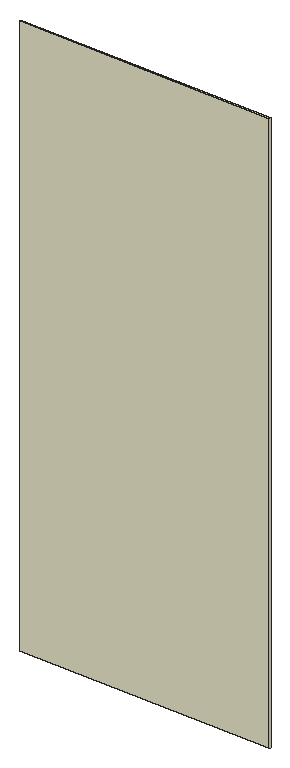
Revit family "MDF MR Roman Brick", category Generic Models, Revit 2017
Family settings
  Can host rebar = No
  Round Connector Dimension = Use Diameter
  Part Type = Normal
  Work Plane-Based = No
  Always vertical = Yes
  Cut with Voids When Loaded = No
  Shared = Yes
  Room Calculation Point = No
Parameters (values of type "2720 x 1200")
  Primed Finich Code = "EX27 MR-ROM"  # constant formula
  Panel_width = 1200 mm  # constant formula
  Panel_thickness = 9.5 mm  # constant formula
  Material = none
  URL = "https://www.easycraft.com.au/products/253/expression-series"
  Model = "Expression Series - Roman Brick"  # constant formula
  Manufacturer = "Easycraft Australia Pty Ltd ph 07 3906 7200"  # constant formula
  Panel_height = 2720 mm  # constant formula
  Description = "MDF MR"  # constant formula
  Assembly Code = ""
Reference planes
  plane 1 "Center (Front/Back)": y = 0
  plane 2: z = 0
  plane 3 "Center (Left/Right)": x = 0
  plane 4 "Panel face": y = -9.5
  plane 5 "Panel_top": z = 2720
Forms (mm)
  Extrusion 1, solid, material "CLAD smooth"
    sketch origin (0, 0, 0) x (1, 0, 0) y (0, 1, 0)
      loop
        line (0, 0) -> (0, -9.5) -> (1200, -9.5) -> (1200, 0) -> (0, 0)
    from 0 to 2720
Lines and regions (mm)
  model lines, style "easycraft expressions pattern"
    curve 1: line (1200, -10, 2379.852) -> (0, -10, 2379.852)
    curve 2: line (0, -10, 2295.36) -> (1200, -10, 2295.36)
    curve 3: line (1200, -10, 2210.868) -> (0, -10, 2210.868)
    curve 4: line (0, -10, 2123.127) -> (1200, -10, 2123.127)
    curve 5: line (1200, -10, 2038.635) -> (0, -10, 2038.635)
    curve 6: line (0, -10, 1953.927) -> (1200, -10, 1953.927)
    curve 7: line (1200, -10, 1869.435) -> (0, -10, 1869.435)
    curve 8: line (0, -10, 1784.943) -> (1200, -10, 1784.943)
    curve 9: line (1200, -10, 1700.451) -> (0, -10, 1700.451)
    curve 10: line (0, -10, 1615.96) -> (1200, -10, 1615.96)
    curve 11: line (1200, -10, 1531.468) -> (0, -10, 1531.468)
    curve 12: line (0, -10, 1446.759) -> (1200, -10, 1446.759)
    curve 13: line (1200, -10, 1362.268) -> (0, -10, 1362.268)
    curve 14: line (0, -10, 1274.526) -> (1200, -10, 1274.526)
    curve 15: line (1200, -10, 1190.034) -> (0, -10, 1190.034)
    curve 16: line (0, -10, 1105.543) -> (1200, -10, 1105.543)
    curve 17: line (1200, -10, 1021.051) -> (0, -10, 1021.051)
    curve 18: line (0, -10, 936.342) -> (1200, -10, 936.342)
    curve 19: line (1200, -10, 851.851) -> (0, -10, 851.851)
    curve 20: line (0, -10, 767.359) -> (1200, -10, 767.359)
    curve 21: line (1200, -10, 682.867) -> (0, -10, 682.867)
    curve 22: line (0, -10, 598.375) -> (1200, -10, 598.375)
    curve 23: line (1200, -10, 513.883) -> (0, -10, 513.883)
    curve 24: line (0, -10, 429.175) -> (1200, -10, 429.175)
    curve 25: line (1200, -10, 341.433) -> (0, -10, 341.433)
    curve 26: line (601.625, -10, 2210.868) -> (601.625, -10, 2295.36)
    curve 27: line (601.625, -10, 2038.635) -> (601.625, -10, 2123.127)
    curve 28: line (601.625, -10, 1869.435) -> (601.625, -10, 1953.927)
    curve 29: line (601.625, -10, 1700.451) -> (601.625, -10, 1784.943)
    curve 30: line (601.625, -10, 1531.468) -> (601.625, -10, 1615.96)
    curve 31: line (601.625, -10, 1362.268) -> (601.625, -10, 1446.759)
    curve 32: line (601.625, -10, 1190.034) -> (601.625, -10, 1274.526)
    curve 33: line (601.625, -10, 1021.051) -> (601.625, -10, 1105.543)
    curve 34: line (601.625, -10, 851.851) -> (601.625, -10, 936.342)
    curve 35: line (601.625, -10, 682.867) -> (601.625, -10, 767.359)
    curve 36: line (601.625, -10, 513.883) -> (601.625, -10, 598.375)
    curve 37: line (601.625, -10, 341.433) -> (601.625, -10, 429.175)
    curve 38: line (751.327, -10, 2295.36) -> (751.327, -10, 2379.852)
    curve 39: line (452.139, -10, 2295.36) -> (452.139, -10, 2379.852)
    curve 40: line (751.327, -10, 2123.127) -> (751.327, -10, 2210.868)
    curve 41: line (452.139, -10, 2123.127) -> (452.139, -10, 2210.868)
    curve 42: line (751.327, -10, 1953.927) -> (751.327, -10, 2038.635)
    curve 43: line (452.139, -10, 1953.927) -> (452.139, -10, 2038.635)
    curve 44: line (751.327, -10, 1784.943) -> (751.327, -10, 1869.435)
    curve 45: line (452.139, -10, 1784.943) -> (452.139, -10, 1869.435)
    curve 46: line (751.327, -10, 1615.96) -> (751.327, -10, 1700.451)
    curve 47: line (452.139, -10, 1615.96) -> (452.139, -10, 1700.451)
    curve 48: line (751.327, -10, 1446.759) -> (751.327, -10, 1531.468)
    curve 49: line (452.139, -10, 1446.759) -> (452.139, -10, 1531.468)
    curve 50: line (751.327, -10, 1274.526) -> (751.327, -10, 1362.268)
    curve 51: line (452.139, -10, 1274.526) -> (452.139, -10, 1362.268)
    curve 52: line (751.327, -10, 1105.543) -> (751.327, -10, 1190.034)
    curve 53: line (452.139, -10, 1105.543) -> (452.139, -10, 1190.034)
    curve 54: line (751.327, -10, 936.342) -> (751.327, -10, 1021.051)
    curve 55: line (452.139, -10, 936.342) -> (452.139, -10, 1021.051)
    curve 56: line (751.327, -10, 767.359) -> (751.327, -10, 851.851)
    curve 57: line (452.139, -10, 767.359) -> (452.139, -10, 851.851)
    curve 58: line (751.327, -10, 598.375) -> (751.327, -10, 682.867)
    curve 59: line (452.139, -10, 598.375) -> (452.139, -10, 682.867)
    curve 60: line (751.327, -10, 429.175) -> (751.327, -10, 513.883)
    curve 61: line (452.139, -10, 429.175) -> (452.139, -10, 513.883)
    curve 62: line (900.812, -10, 2210.868) -> (900.812, -10, 2295.36)
    curve 63: line (900.812, -10, 2038.635) -> (900.812, -10, 2123.127)
    curve 64: line (1050.515, -10, 2295.36) -> (1050.515, -10, 2379.852)
    curve 65: line (1050.515, -10, 2123.127) -> (1050.515, -10, 2210.868)
    curve 66: line (1050.515, -10, 1953.927) -> (1050.515, -10, 2038.635)
    curve 67: line (1050.515, -10, 1784.943) -> (1050.515, -10, 1869.435)
    curve 68: line (1050.515, -10, 1615.96) -> (1050.515, -10, 1700.451)
    curve 69: line (1050.515, -10, 1446.759) -> (1050.515, -10, 1531.468)
    curve 70: line (1050.515, -10, 1274.526) -> (1050.515, -10, 1362.268)
    curve 71: line (1050.515, -10, 1105.543) -> (1050.515, -10, 1190.034)
    curve 72: line (1050.515, -10, 936.342) -> (1050.515, -10, 1021.051)
    curve 73: line (1050.515, -10, 767.359) -> (1050.515, -10, 851.851)
    curve 74: line (1050.515, -10, 598.375) -> (1050.515, -10, 682.867)
    curve 75: line (1050.515, -10, 429.175) -> (1050.515, -10, 513.883)
    curve 76: line (900.812, -10, 1869.435) -> (900.812, -10, 1953.927)
    curve 77: line (900.812, -10, 1700.451) -> (900.812, -10, 1784.943)
    curve 78: line (900.812, -10, 1531.468) -> (900.812, -10, 1615.96)
    curve 79: line (900.812, -10, 1362.268) -> (900.812, -10, 1446.759)
    curve 80: line (900.812, -10, 1190.034) -> (900.812, -10, 1274.526)
    curve 81: line (900.812, -10, 1021.051) -> (900.812, -10, 1105.543)
    curve 82: line (900.812, -10, 851.851) -> (900.812, -10, 936.342)
    curve 83: line (900.812, -10, 682.867) -> (900.812, -10, 767.359)
    curve 84: line (900.812, -10, 513.883) -> (900.812, -10, 598.375)
    curve 85: line (900.812, -10, 341.433) -> (900.812, -10, 429.175)
    curve 86: line (299.188, -10, 2210.868) -> (299.188, -10, 2295.36)
    curve 87: line (299.188, -10, 2038.635) -> (299.188, -10, 2123.127)
    curve 88: line (299.188, -10, 1869.435) -> (299.188, -10, 1953.927)
    curve 89: line (299.188, -10, 1700.451) -> (299.188, -10, 1784.943)
    curve 90: line (299.188, -10, 1531.468) -> (299.188, -10, 1615.96)
    curve 91: line (299.188, -10, 1362.268) -> (299.188, -10, 1446.759)
    curve 92: line (299.188, -10, 1190.034) -> (299.188, -10, 1274.526)
    curve 93: line (299.188, -10, 1021.051) -> (299.188, -10, 1105.543)
    curve 94: line (299.188, -10, 851.851) -> (299.188, -10, 936.342)
    curve 95: line (299.188, -10, 682.867) -> (299.188, -10, 767.359)
    curve 96: line (299.188, -10, 513.883) -> (299.188, -10, 598.375)
    curve 97: line (149.702, -10, 2295.36) -> (149.702, -10, 2379.852)
    curve 98: line (149.702, -10, 2123.127) -> (149.702, -10, 2210.868)
    curve 99: line (149.702, -10, 1953.927) -> (149.702, -10, 2038.635)
    curve 100: line (149.702, -10, 1784.943) -> (149.702, -10, 1869.435)
    curve 101: line (149.702, -10, 1615.96) -> (149.702, -10, 1700.451)
    curve 102: line (149.702, -10, 1446.759) -> (149.702, -10, 1531.468)
    curve 103: line (149.702, -10, 1274.526) -> (149.702, -10, 1362.268)
    curve 104: line (149.702, -10, 1105.543) -> (149.702, -10, 1190.034)
    curve 105: line (149.702, -10, 936.342) -> (149.702, -10, 1021.051)
    curve 106: line (149.702, -10, 767.359) -> (149.702, -10, 851.851)
    curve 107: line (149.702, -10, 598.375) -> (149.702, -10, 682.867)
    curve 108: line (149.702, -10, 429.175) -> (149.702, -10, 513.883)
    curve 109: line (299.188, -10, 341.433) -> (299.188, -10, 429.175)
    curve 110: line (0, -10, 256.942) -> (1200, -10, 256.942)
    curve 111: line (1200, -10, 172.45) -> (0, -10, 172.45)
    curve 112: line (0, -10, 87.958) -> (1200, -10, 87.958)
    curve 113: line (1050.515, -10, 256.942) -> (1050.515, -10, 341.433)
    curve 114: line (1050.515, -10, 87.958) -> (1050.515, -10, 172.45)
    curve 115: line (601.625, -10, 172.45) -> (601.625, -10, 256.942)
    curve 116: line (751.327, -10, 256.942) -> (751.327, -10, 341.433)
    curve 117: line (452.139, -10, 256.942) -> (452.139, -10, 341.433)
    curve 118: line (751.327, -10, 87.958) -> (751.327, -10, 172.45)
    curve 119: line (452.139, -10, 87.958) -> (452.139, -10, 172.45)
    curve 120: line (900.812, -10, 172.45) -> (900.812, -10, 256.942)
    curve 121: line (299.188, -10, 172.45) -> (299.188, -10, 256.942)
    curve 122: line (149.702, -10, 256.942) -> (149.702, -10, 341.433)
    curve 123: line (149.702, -10, 87.958) -> (149.702, -10, 172.45)
    curve 124: line (900.812, -10, 0) -> (900.812, -10, 87.958)
    curve 125: line (601.625, -10, 0) -> (601.625, -10, 87.958)
    curve 126: line (299.188, -10, 0) -> (299.188, -10, 87.958)
    curve 127: line (0, -10, 2633.544) -> (1200, -10, 2633.544)
    curve 128: line (1200, -10, 2549.052) -> (0, -10, 2549.052)
    curve 129: line (0, -10, 2464.344) -> (1200, -10, 2464.344)
    curve 130: line (601.625, -10, 2549.052) -> (601.625, -10, 2633.544)
    curve 131: line (601.625, -10, 2379.852) -> (601.625, -10, 2464.344)
    curve 132: line (751.327, -10, 2464.344) -> (751.327, -10, 2549.052)
    curve 133: line (452.139, -10, 2464.344) -> (452.139, -10, 2549.052)
    curve 134: line (900.812, -10, 2549.052) -> (900.812, -10, 2633.544)
    curve 135: line (1050.515, -10, 2464.344) -> (1050.515, -10, 2549.052)
    curve 136: line (900.812, -10, 2379.852) -> (900.812, -10, 2464.344)
    curve 137: line (299.188, -10, 2549.052) -> (299.188, -10, 2633.544)
    curve 138: line (299.188, -10, 2379.852) -> (299.188, -10, 2464.344)
    curve 139: line (149.702, -10, 2464.344) -> (149.702, -10, 2549.052)
    curve 140: line (751.327, -10, 2633.544) -> (751.327, -10, 2718.252)
    curve 141: line (452.139, -10, 2633.544) -> (452.139, -10, 2718.252)
    curve 142: line (1050.515, -10, 2633.544) -> (1050.515, -10, 2718.252)
    curve 143: line (149.702, -10, 2633.544) -> (149.702, -10, 2718.252)
Dimensions and locks
  "Panel_thickness": plane 4 "Panel face" to plane 1 "Center (Front/Back)"
  "Panel_height": plane 5 "Panel_top" to plane 2
  "Panel_width": Extrusion 1 to Extrusion 1
  aligned and locked: level to plane 2
  aligned and locked: Extrusion 1 to level
  aligned and locked: plane 4 "Panel face" to Extrusion 1
Automatic sketch dimensions
  Extrusion 1 sketch curve to plane 3 "Center (Left/Right)" = 0 mm
  plane 4 "Panel face" to Extrusion 1 sketch curve = 0 mm
  plane 1 "Center (Front/Back)" to Extrusion 1 sketch curve = 0 mm
  Extrusion 1 sketch curve to Extrusion 1 sketch curve = 1200 mm
  curve 128 to plane 3 "Center (Left/Right)" = 0 mm
  curve 1 to plane 3 "Center (Left/Right)" = 0 mm
  curve 2 to plane 3 "Center (Left/Right)" = 0 mm
  curve 24 to plane 3 "Center (Left/Right)" = 0 mm
  curve 129 to plane 3 "Center (Left/Right)" = 0 mm
  curve 3 to plane 3 "Center (Left/Right)" = 0 mm
  curve 4 to plane 3 "Center (Left/Right)" = 0 mm
  curve 127 to plane 3 "Center (Left/Right)" = 0 mm
  curve 23 to plane 3 "Center (Left/Right)" = 0 mm
  curve 5 to plane 3 "Center (Left/Right)" = 0 mm
  curve 6 to plane 3 "Center (Left/Right)" = 0 mm
  curve 22 to plane 3 "Center (Left/Right)" = 0 mm
  curve 21 to plane 3 "Center (Left/Right)" = 0 mm
  curve 7 to plane 3 "Center (Left/Right)" = 0 mm
  curve 8 to plane 3 "Center (Left/Right)" = 0 mm
  curve 20 to plane 3 "Center (Left/Right)" = 0 mm
  curve 9 to plane 3 "Center (Left/Right)" = 0 mm
  curve 10 to plane 3 "Center (Left/Right)" = 0 mm
  curve 19 to plane 3 "Center (Left/Right)" = 0 mm
  curve 18 to plane 3 "Center (Left/Right)" = 0 mm
  curve 11 to plane 3 "Center (Left/Right)" = 0 mm
  curve 12 to plane 3 "Center (Left/Right)" = 0 mm
  curve 112 to plane 3 "Center (Left/Right)" = 0 mm
  curve 111 to plane 3 "Center (Left/Right)" = 0 mm
  curve 13 to plane 3 "Center (Left/Right)" = 0 mm
  curve 14 to plane 3 "Center (Left/Right)" = 0 mm
  curve 110 to plane 3 "Center (Left/Right)" = 0 mm
  curve 17 to plane 3 "Center (Left/Right)" = 0 mm
  curve 15 to plane 3 "Center (Left/Right)" = 0 mm
  curve 16 to plane 3 "Center (Left/Right)" = 0 mm
  curve 25 to plane 3 "Center (Left/Right)" = 0 mm
  curve 126 to level = 0 mm
  curve 125 to level = 0 mm
  curve 124 to level = 0 mm
  plane 3 "Center (Left/Right)" to curve 107 = 149.702 mm
  curve 107 to curve 108 = 0 mm
  plane 3 "Center (Left/Right)" to curve 139 = 149.702 mm
  plane 3 "Center (Left/Right)" to curve 106 = 149.702 mm
  plane 3 "Center (Left/Right)" to curve 122 = 149.702 mm
  plane 3 "Center (Left/Right)" to curve 105 = 149.702 mm
  plane 3 "Center (Left/Right)" to curve 123 = 149.702 mm
  plane 3 "Center (Left/Right)" to curve 104 = 149.702 mm
  curve 143 to curve 139 = 0 mm
  plane 3 "Center (Left/Right)" to curve 103 = 149.702 mm
  plane 3 "Center (Left/Right)" to curve 102 = 149.702 mm
  plane 3 "Center (Left/Right)" to curve 101 = 149.702 mm
  plane 3 "Center (Left/Right)" to curve 100 = 149.702 mm
  plane 3 "Center (Left/Right)" to curve 99 = 149.702 mm
  plane 3 "Center (Left/Right)" to curve 98 = 149.702 mm
  curve 139 to curve 97 = 0 mm
  curve 98 to curve 86 = 149.485 mm
  curve 99 to curve 87 = 149.485 mm
  curve 100 to curve 88 = 149.485 mm
  curve 101 to curve 89 = 149.485 mm
  curve 102 to curve 90 = 149.485 mm
  curve 139 to curve 138 = 149.485 mm
  curve 123 to curve 126 = 149.485 mm
  curve 106 to curve 95 = 149.485 mm
  curve 103 to curve 91 = 149.485 mm
  curve 108 to curve 96 = 149.485 mm
  curve 143 to curve 137 = 149.485 mm
  curve 96 to curve 109 = 0 mm
  curve 105 to curve 94 = 149.485 mm
  curve 104 to curve 93 = 149.485 mm
  curve 109 to curve 121 = 0 mm
  curve 91 to curve 92 = 0 mm
  curve 138 to curve 133 = 152.952 mm
  curve 90 to curve 49 = 152.952 mm
  curve 126 to curve 119 = 152.952 mm
  curve 92 to curve 51 = 152.952 mm
  curve 89 to curve 47 = 152.952 mm
  curve 93 to curve 53 = 152.952 mm
  curve 109 to curve 117 = 152.952 mm
  curve 94 to curve 55 = 152.952 mm
  curve 88 to curve 45 = 152.952 mm
  curve 95 to curve 57 = 152.952 mm
  curve 141 to curve 133 = 0 mm
  curve 96 to curve 59 = 152.952 mm
  curve 87 to curve 43 = 152.952 mm
  curve 61 to curve 117 = 0 mm
  curve 86 to curve 41 = 152.952 mm
  curve 133 to curve 39 = 0 mm
  curve 51 to curve 32 = 149.485 mm
  curve 133 to curve 130 = 149.485 mm
  curve 119 to curve 125 = 149.485 mm
  curve 49 to curve 31 = 149.485 mm
  curve 47 to curve 30 = 149.485 mm
  curve 45 to curve 29 = 149.485 mm
  curve 43 to curve 28 = 149.485 mm
  curve 41 to curve 27 = 149.485 mm
  curve 39 to curve 26 = 149.485 mm
  curve 117 to curve 115 = 149.485 mm
  curve 130 to curve 131 = 0 mm
  curve 61 to curve 37 = 149.485 mm
  curve 59 to curve 36 = 149.485 mm
  curve 57 to curve 35 = 149.485 mm
  curve 55 to curve 34 = 149.485 mm
  curve 32 to curve 33 = 0 mm
  curve 115 to curve 118 = 149.702 mm
  curve 131 to curve 38 = 149.702 mm
  curve 27 to curve 40 = 149.702 mm
  curve 28 to curve 42 = 149.702 mm
  curve 29 to curve 44 = 149.702 mm
  curve 30 to curve 46 = 149.702 mm
  curve 31 to curve 48 = 149.702 mm
  curve 130 to curve 132 = 149.702 mm
  curve 32 to curve 50 = 149.702 mm
  curve 33 to curve 52 = 149.702 mm
  curve 34 to curve 54 = 149.702 mm
  curve 116 to curve 118 = 0 mm
  curve 35 to curve 56 = 149.702 mm
  curve 140 to curve 132 = 0 mm
  curve 36 to curve 58 = 149.702 mm
  curve 60 to curve 116 = 0 mm
  curve 40 to curve 62 = 149.485 mm
  curve 42 to curve 63 = 149.485 mm
  curve 118 to curve 124 = 149.485 mm
  curve 116 to curve 120 = 149.485 mm
  curve 44 to curve 76 = 149.485 mm
  curve 46 to curve 77 = 149.485 mm
  curve 48 to curve 78 = 149.485 mm
  curve 50 to curve 79 = 149.485 mm
  curve 52 to curve 80 = 149.485 mm
  curve 132 to curve 134 = 149.485 mm
  curve 60 to curve 85 = 149.485 mm
  curve 136 to curve 62 = 0 mm
  curve 58 to curve 84 = 149.485 mm
  curve 56 to curve 83 = 149.485 mm
  curve 54 to curve 82 = 149.485 mm
  curve 80 to curve 81 = 0 mm
  curve 120 to curve 113 = 149.702 mm
  curve 124 to curve 114 = 149.702 mm
  curve 134 to curve 135 = 149.702 mm
  curve 84 to curve 75 = 149.702 mm
  curve 83 to curve 74 = 149.702 mm
  curve 82 to curve 73 = 149.702 mm
  curve 81 to curve 72 = 149.702 mm
  curve 80 to curve 71 = 149.702 mm
  curve 79 to curve 70 = 149.702 mm
  curve 78 to curve 69 = 149.702 mm
  curve 77 to curve 68 = 149.702 mm
  curve 76 to curve 67 = 149.702 mm
  curve 63 to curve 66 = 149.702 mm
  curve 62 to curve 65 = 149.702 mm
  curve 135 to curve 64 = 0 mm
  curve 142 to curve 135 = 0 mm
  curve 135 to curve 128 = 149.485 mm
  curve 128 to curve 129 = 0 mm
  curve 127 to curve 128 = 0 mm
  curve 114 to curve 112 = 149.485 mm
  curve 111 to curve 112 = 0 mm
  curve 110 to curve 111 = 0 mm
  curve 25 to curve 110 = 0 mm
  curve 24 to curve 25 = 0 mm
  curve 23 to curve 24 = 0 mm
  curve 22 to curve 23 = 0 mm
  curve 21 to curve 22 = 0 mm
  curve 20 to curve 21 = 0 mm
  curve 19 to curve 20 = 0 mm
  curve 18 to curve 19 = 0 mm
  curve 17 to curve 18 = 0 mm
  curve 16 to curve 17 = 0 mm
  curve 15 to curve 16 = 0 mm
  curve 14 to curve 15 = 0 mm
  curve 13 to curve 14 = 0 mm
  curve 12 to curve 13 = 0 mm
  curve 11 to curve 12 = 0 mm
  curve 10 to curve 11 = 0 mm
  curve 9 to curve 10 = 0 mm
  curve 8 to curve 9 = 0 mm
  curve 7 to curve 8 = 0 mm
  curve 6 to curve 7 = 0 mm
  curve 5 to curve 6 = 0 mm
  curve 4 to curve 5 = 0 mm
  curve 3 to curve 4 = 0 mm
  curve 2 to curve 3 = 0 mm
  curve 129 to curve 1 = 0 mm
  level to curve 124 = 87.958 mm
  curve 123 to curve 123 = 84.492 mm
  curve 118 to curve 116 = 84.492 mm
  curve 113 to curve 113 = 84.492 mm
  curve 85 to curve 85 = 87.741 mm
  curve 24 to curve 23 = 84.708 mm
  curve 61 to curve 59 = 84.492 mm
  curve 74 to curve 74 = 84.492 mm
  curve 83 to curve 83 = 84.492 mm
  curve 83 to curve 82 = 84.492 mm
  curve 19 to curve 18 = 84.492 mm
  curve 18 to curve 17 = 84.708 mm
  curve 55 to curve 53 = 84.492 mm
  curve 33 to curve 32 = 84.492 mm
  curve 104 to curve 103 = 84.492 mm
  curve 50 to curve 50 = 87.741 mm
  curve 91 to curve 91 = 84.492 mm
  curve 31 to curve 30 = 84.708 mm
  curve 78 to curve 78 = 84.492 mm
  curve 46 to curve 46 = 84.492 mm
  curve 9 to curve 8 = 84.492 mm
  curve 29 to curve 28 = 84.492 mm
  curve 45 to curve 43 = 84.492 mm
  curve 28 to curve 27 = 84.708 mm
  curve 87 to curve 87 = 84.492 mm
  curve 4 to curve 3 = 87.741 mm
  curve 86 to curve 86 = 84.492 mm
  curve 2 to curve 1 = 84.492 mm
  curve 136 to curve 136 = 84.492 mm
  curve 133 to curve 133 = 84.708 mm
  curve 137 to curve 137 = 84.492 mm
  plane 5 "Panel_top" to curve 142 = 1.748 mm
  plane 5 "Panel_top" to curve 140 = 1.748 mm
  plane 5 "Panel_top" to curve 143 = 1.748 mm
  plane 5 "Panel_top" to curve 141 = 1.748 mm
